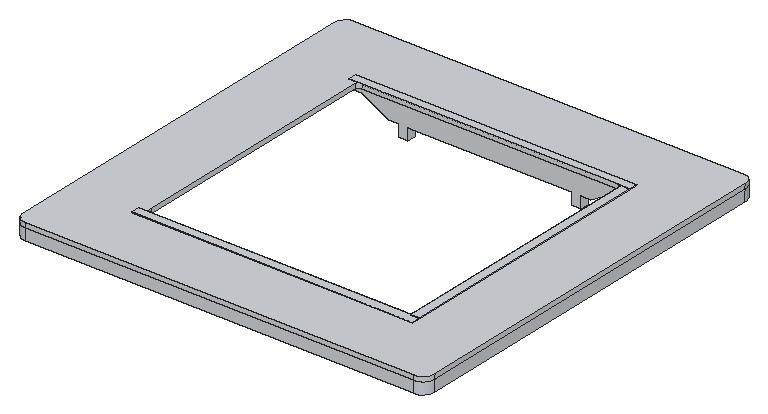
Revit family "Gira_0211335", category Electrical Fixtures, host Face, Revit 2017
Family settings
  Host = Face
  Maintain Annotation Orientation = No
  Round Connector Dimension = Use Diameter
  Part Type = Normal
  Cut with Voids When Loaded = No
  Shared = No
  Room Calculation Point = No
Parameters (values of type "Abdeckrahmen 1f flach Gira E2 Edelstahl")
  Werkstoffgüte = "edelstahl"
  Werkstoff = "Metall"
  URL = "http://katalog.gira.de/de_DE/datenblatt.html?artikelnr=0211335"
  Transparent = "No"
  Textfeld/Beschriftungsfläche = "No"
  Schutzart (IP) = "IP20"
  Region = "DE"
  Oberfläche = "sonstige"
  Name = "Abdeckrahmen 1f flach Gira E2 Edelstahl"
  Montagerichtung = "horizontal und vertikal"
  Mit Montagerahmen = "No"
  Mit Klappdeckel = "No"
  Manufacturer URL = "https://www.gira.de/"
  Keynote = "E2flach_Rahmen_1fach.stp"
  HeinzeBIM = "https://bimportal.heinze.de/bim/abdeckrahmen-1f-flach-gira-e2-edelstahl/dee0317a28306a9ae2e3cff616e5ec72865a74c6"
  Halogenfrei = "No"
  HAN = "0211335"
  Geeignet für Unterputz-Installation = "Yes"
  Geeignet für Unterflurkanaldose = "No"
  Geeignet für Geräteeinbaukanal = "No"
  Geeignet für Einbauinstallation = "No"
  GTIN = "4010337019855"
  Farbe = "edelstahl"
  Default Elevation = 1219.2 mm
  Data sheet (1) = "https://katalog.gira.de/de_DE/download.html?artikelnr=0211335"
  Category = "Abdeckrahmen"
  Befestigungsart = "Klemmbefestigung"
  Available = "Yes"
  Anzahl der Einheiten vertikal = "1 "
  Anzahl der Einheiten horizontal = "1 "
  Anzahl der Einheiten = "1 "
Reference planes
  plane 1 "Center (Front/Back)": y = 0
  plane 2: z = 0
  plane 3 "Center (Left/Right)": x = 0
Forms (mm)
  Extrusion 1, solid, detail levels fine
    sketch origin (0, 0, 0) x (1, 0, 0) y (0, 1, 0)
      loop
        arc (-41.4, 43.9) -> (-43.168, 43.168) -> (-43.9, 41.4) r 2.5
        line (-43.9, 41.4) -> (-43.9, -41.4)
        arc (-43.9, -41.4) -> (-43.168, -43.168) -> (-41.4, -43.9) r 2.5
        line (-41.4, -43.9) -> (41.4, -43.9)
        arc (41.4, -43.9) -> (43.168, -43.168) -> (43.9, -41.4) r 2.5
        line (43.9, -41.4) -> (43.9, 41.4)
        arc (43.9, 41.4) -> (43.168, 43.168) -> (41.4, 43.9) r 2.5
        line (41.4, 43.9) -> (-41.4, 43.9)
      loop
        spline (-28.144, -27.245) -> (-28.136, -27.363) -> (-28.113, -27.478) -> (-28.075, -27.589) -> (-28.023, -27.695) -> (-27.958, -27.792) -> (-27.881, -27.881) -> (-27.792, -27.958) -> (-27.695, -28.023) -> (-27.589, -28.075) -> (-27.478, -28.113) -> (-27.363, -28.136) -> (-27.245, -28.144)
        line (-27.245, -28.144) -> (27.245, -28.144)
        spline (27.245, -28.144) -> (27.363, -28.136) -> (27.478, -28.113) -> (27.589, -28.075) -> (27.695, -28.023) -> (27.792, -27.958) -> (27.881, -27.881) -> (27.958, -27.792) -> (28.023, -27.695) -> (28.075, -27.589) -> (28.113, -27.478) -> (28.136, -27.363) -> (28.144, -27.245)
        line (28.144, -27.245) -> (28.144, 27.245)
        spline (28.144, 27.245) -> (28.136, 27.363) -> (28.113, 27.478) -> (28.075, 27.589) -> (28.023, 27.695) -> (27.958, 27.792) -> (27.881, 27.881) -> (27.792, 27.958) -> (27.695, 28.023) -> (27.589, 28.075) -> (27.478, 28.113) -> (27.363, 28.136) -> (27.245, 28.144)
        line (27.245, 28.144) -> (-27.245, 28.144)
        spline (-27.245, 28.144) -> (-27.363, 28.136) -> (-27.478, 28.113) -> (-27.589, 28.075) -> (-27.695, 28.023) -> (-27.792, 27.958) -> (-27.881, 27.881) -> (-27.958, 27.792) -> (-28.023, 27.695) -> (-28.075, 27.589) -> (-28.113, 27.478) -> (-28.136, 27.363) -> (-28.144, 27.245)
        line (-28.144, 27.245) -> (-28.144, -27.245)
    from 2.5 to 3.4
  Extrusion 2, solid, detail levels fine
    sketch origin (0, 0, 0) x (1, 0, 0) y (0, 1, 0)
      loop
        arc (-41.4, 43.9) -> (-43.168, 43.168) -> (-43.9, 41.4) r 2.5
        line (-43.9, 41.4) -> (-43.9, -41.4)
        arc (-43.9, -41.4) -> (-43.168, -43.168) -> (-41.4, -43.9) r 2.5
        line (-41.4, -43.9) -> (41.4, -43.9)
        arc (41.4, -43.9) -> (43.168, -43.168) -> (43.9, -41.4) r 2.5
        line (43.9, -41.4) -> (43.9, 41.4)
        arc (43.9, 41.4) -> (43.168, 43.168) -> (41.4, 43.9) r 2.5
        line (41.4, 43.9) -> (-41.4, 43.9)
      loop
        arc (-41.4, 43.4) -> (-42.814, 42.814) -> (-43.4, 41.4) r 2
        line (-43.4, 41.4) -> (-43.4, -41.4)
        arc (-43.4, -41.4) -> (-42.814, -42.814) -> (-41.4, -43.4) r 2
        line (-41.4, -43.4) -> (41.4, -43.4)
        arc (41.4, -43.4) -> (42.814, -42.814) -> (43.4, -41.4) r 2
        line (43.4, -41.4) -> (43.4, 41.4)
        arc (43.4, 41.4) -> (42.814, 42.814) -> (41.4, 43.4) r 2
        line (41.4, 43.4) -> (-41.4, 43.4)
    from 0 to 2.5
  Extrusion 3, solid, detail levels fine
    sketch origin (0, 0, 0) x (1, 0, 0) y (0, 0, 1)
      loop
        line (-17.5, -4.06) -> (-17.5, -1.56) -> (17.5, -1.56) -> (17.5, -4.06) -> (19.5, -4.06) -> (19.5, -1.56) -> (21.654, -1.56) -> (27.214, 1.65) -> (30, 1.65) -> (30, 3.4) -> (-30, 3.4) -> (-30, 1.65) -> (-27.214, 1.65) -> (-21.654, -1.56) -> (-19.5, -1.56) -> (-19.5, -4.06) -> (-17.5, -4.06)
    from 28.144 to 30
  Extrusion 4, solid, detail levels fine
    sketch origin (0, 0, 0) x (0, -1, 0) y (0, 0, -1)
      loop
        line (-17.5, 4.06) -> (-19.5, 4.06) -> (-19.5, 1.56) -> (-21.654, 1.56) -> (-27.214, -1.65) -> (-28.144, -1.65) -> (-28.144, -3.4) -> (28.144, -3.4) -> (28.144, -1.65) -> (27.214, -1.65) -> (21.654, 1.56) -> (19.5, 1.56) -> (19.5, 4.06) -> (17.5, 4.06) -> (17.5, 1.56) -> (-17.5, 1.56) -> (-17.5, 4.06)
    from 28.144 to 30
  Extrusion 5, solid, detail levels medium
    sketch origin (0, 0, 0) x (0, -1, 0) y (0, 0, 1)
      loop
        line (-17.5, -4.06) -> (-17.5, -1.56) -> (17.5, -1.56) -> (17.5, -4.06) -> (19.5, -4.06) -> (19.5, -1.56) -> (28.144, -1.56) -> (28.144, 3.4) -> (-28.144, 3.4) -> (-28.144, -1.56) -> (-19.5, -1.56) -> (-19.5, -4.06) -> (-17.5, -4.06)
    from 28.144 to 30
  Extrusion 6, solid, detail levels fine
    sketch origin (0, 0, 0) x (1, 0, 0) y (0, 0, -1)
      loop
        line (-17.5, 4.06) -> (-19.5, 4.06) -> (-19.5, 1.56) -> (-21.654, 1.56) -> (-27.214, -1.65) -> (-30, -1.65) -> (-30, -3.4) -> (30, -3.4) -> (30, -1.65) -> (27.214, -1.65) -> (21.654, 1.56) -> (19.5, 1.56) -> (19.5, 4.06) -> (17.5, 4.06) -> (17.5, 1.56) -> (-17.5, 1.56) -> (-17.5, 4.06)
    from 28.144 to 30
  Extrusion 7, solid, detail levels coarse
    sketch origin (0, 0, 0) x (1, 0, 0) y (0, 1, 0)
      loop
        line (-43.9, 43.9) -> (-43.9, -43.9) -> (43.9, -43.9) -> (43.9, 43.9) -> (-43.9, 43.9)
    from -4.06 to 3.4
  Extrusion 8, solid, detail levels medium
    sketch origin (0, 0, 0) x (1, 0, 0) y (0, 1, 0)
      loop
        line (-43.9, 43.9) -> (-43.9, -43.9) -> (43.9, -43.9) -> (43.9, 43.9) -> (-43.9, 43.9)
    from 0 to 3.4
  Extrusion 9, solid, detail levels medium
    sketch origin (0, 0, 0) x (1, 0, 0) y (0, 0, 1)
      loop
        line (-17.5, -4.06) -> (-17.5, -1.56) -> (17.5, -1.56) -> (17.5, -4.06) -> (19.5, -4.06) -> (19.5, -1.56) -> (30, -1.56) -> (30, 3.4) -> (-30, 3.4) -> (-30, -1.56) -> (-19.5, -1.56) -> (-19.5, -4.06) -> (-17.5, -4.06)
    from 28.144 to 30
  Extrusion 10, solid, detail levels medium
    sketch origin (0, 0, 0) x (1, 0, 0) y (0, 0, -1)
      loop
        line (-17.5, 4.06) -> (-19.5, 4.06) -> (-19.5, 1.56) -> (-30, 1.56) -> (-30, -3.4) -> (30, -3.4) -> (30, 1.56) -> (19.5, 1.56) -> (19.5, 4.06) -> (17.5, 4.06) -> (17.5, 1.56) -> (-17.5, 1.56) -> (-17.5, 4.06)
    from 28.144 to 30
  Extrusion 11, solid, detail levels medium
    sketch origin (0, 0, 0) x (0, -1, 0) y (0, 0, -1)
      loop
        line (-17.5, 4.06) -> (-19.5, 4.06) -> (-19.5, 1.56) -> (-28.144, 1.56) -> (-28.144, -3.4) -> (28.144, -3.4) -> (28.144, 1.56) -> (19.5, 1.56) -> (19.5, 4.06) -> (17.5, 4.06) -> (17.5, 1.56) -> (-17.5, 1.56) -> (-17.5, 4.06)
    from 28.144 to 30
Dimensions and locks
  aligned and locked: plane 2 to host face
  aligned and locked: level to host face
